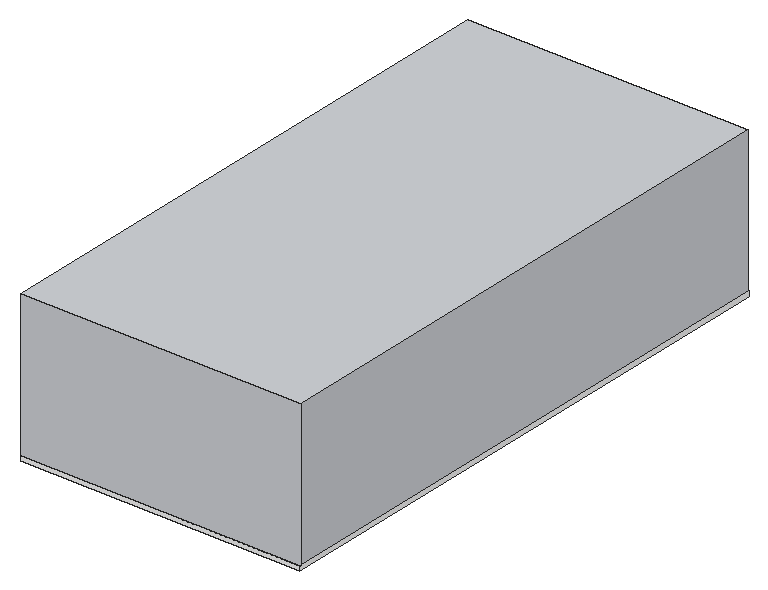
Revit family "Recessed Troffer Face Based", category Lighting Fixtures, Revit 2019
Family settings
  Round Connector Dimension = Use Diameter
  Part Type = Normal
  OmniClass Number = 23.80.70.00
  OmniClass Title = Lighting
  Work Plane-Based = Yes
  Always vertical = No
  Cut with Voids When Loaded = No
  Light Source = Yes
  Shared = No
  Room Calculation Point = Yes
Parameters (values of type "L21.3 Revalo RV06327DD 25W 4000K Insulated Panel 600x300")
  Width/2 = Width / 2  # 150 mm
  Width = 300 mm
  Wattage = 18.7354 W
  built-in parameter 1150110 = 1 (stored number, unit not read)
  Type Comments = "L21.3"
  built-in parameter 1114217 = 0.8 (stored number, unit not read)
  Tilt Angle = 90.00°
  built-in parameter 1150109 = 1 (stored number, unit not read)
  built-in parameter 1150134 = 12
  built-in parameter 1150113 = 1 (stored number, unit not read)
  Photometric Web File = "Slender Panel 1200x300 700MA UGR19 4000K.IES"
  PRL_LTGSchedule_Output = ""
  PRL_LTGSchedule_Manufacturer = ""
  PRL_LTGSchedule_Lifetime = ""
  PRL_LTGSchedule_Installation = ""
  PRL_LTGSchedule_Description = ""
  PRL_LTGSchedule_Control = ""
  PRL_LTGSchedule_Classification = ""
  PRL_LTGSchedule_CatNo = ""
  PRL_LTGSchedule_CCT = ""
  PRL_LTGSchedule_AppearsInSchedule = yes
  PRL_LTGSchedule_Accessories = ""
  PRL_AppearsInSchedule = yes
  Lumens = 2783 lm
  built-in parameter 1150115 = 1 (stored number, unit not read)
  built-in parameter 1150105 = 221.46 (stored number, unit not read)
  built-in parameter 1150137 = (empty or 0)
  built-in parameter 1150139 = (empty or 0)
  Length/2 = Length / 2  # 300 mm
  Length = 600 mm
  built-in parameter 1150112 = 1 (stored number, unit not read)
  built-in parameter 1150114 = 1 (stored number, unit not read)
  built-in parameter 1150132 = 2
  built-in parameter 1150102 = (empty or 0)
  built-in parameter 1150138 = (empty or 0)
  built-in parameter 1150107 = 4000 (stored number, unit not read)
  built-in parameter 1150106 = 2.2146 (stored number, unit not read)
  Family Revision = 10
  Emit from Rectangle Width = 600 mm
  Emit from Rectangle Length = 300 mm
  Emit Shape Visible in Rendering = yes
  built-in parameter 1150104 = 13.8 (stored number, unit not read)
  Dimming Lamp Color Temperature Shift = <None>
  Default Elevation = 0 mm
  Color Filter = 16777215
  built-in parameter 1114218 = 1 (stored number, unit not read)
  built-in parameter 1150133 = 10 (stored number, unit not read)
  Apparent Load = 25 VA
Types (10, lengths in mm): name | Wattage | Type Comments | built-in parameter 1114217 | PRL_LTGSchedule_Output | PRL_LTGSchedule_Manufacturer | PRL_LTGSchedule_Lifetime | PRL_LTGSchedule_Installation | PRL_LTGSchedule_Description | PRL_LTGSchedule_Control | PRL_LTGSchedule_CatNo | PRL_LTGSchedule_CCT | PRL_LTGSchedule_Accessories | Lumens | built-in parameter 1150105 | Length/2 | Length | built-in parameter 1150106 | Emit from Rectangle Width
  L21.3 Revalo RV06327DD 25W 4000K Insulated Panel 600x300 | 18.7354 W | "L21.3" | 0.8 (stored number, unit not read) | "" | "" | "" | "" | "" | "" | "" | "" | "" | 2783 lm | 221.46 (stored number, unit not read) | 300 | 600 | 2.2146 (stored number, unit not read) | 600
  L21.1 Revalo RV06327DD 25W 4000K T-Rail 600x300 DALI | 18.7354 W | "L21.1" | 0.8 (stored number, unit not read) | "" | "" | "" | "" | "" | "" | "" | "" | "" | 2783 lm | 221.46 (stored number, unit not read) | 300 | 600 | 2.2146 (stored number, unit not read) | 1200
  L11.2 Revalo RV12355 48W 4000K Gib 1200x300 | 18.7354 W | "L11.2" | 0.8 (stored number, unit not read) | "" | "" | "" | "" | "" | "" | "" | "" | "" | 2783 lm | 221.46 (stored number, unit not read) | 600 | 1200 | 2.2146 (stored number, unit not read) | 1200
  L11.1 Revalo RV12355 48W 4000K T-Rail 1200x300 | 37.0266 W | "L11.1" | 0.83 (stored number, unit not read) | "48W LED\r\n5500 lm" | "Energylight" | "50,000 Hrs\r\nL90" | "Recessed in T-Rail Grid Ceiling" | "Recessed 1200 x 300 LED Module complete with framed Y5 diffuser & seismic restraint." | "Fixed output electronic driver" | "Revalo 300\r\nRV12355" | "4000K\r\nCRI=80+" | "" | 5500 lm | 437.68 (stored number, unit not read) | 600 | 1200 | 4.3768 (stored number, unit not read) | 1200
  L10.3 Revalo RV12355DD 48W 4000K Insulated Panel 1200x300 DALI | 18.7354 W | "L10.3" | 0.8 (stored number, unit not read) | "" | "" | "" | "" | "" | "" | "" | "" | "" | 2783 lm | 221.46 (stored number, unit not read) | 600 | 1200 | 2.2146 (stored number, unit not read) | 1200
  L10.2 Revalo RV12355DD 48W 4000K Gib 1200x300 DALI | 37.0266 W | "L10.2" | 0.8 (stored number, unit not read) | "48W LED\r\n5500 lm" | "Energylight" | "50,000 Hrs\r\nL90" | "Recessed in Plaster/Gib Ceiling" | "Recessed 1200 x 300 LED Module complete with framed Y5 diffuser & seismic restraint." | "Casambi Enabled DALI Dimmable Electronic Driver (Tridonic BasicDIM Wireless Or Casambi CBU-ASD Module)." | "Revalo 300\r\nRV12355DD" | "4000K\r\nCRI=80+" | "Recessing kit" | 5500 lm | 437.68 (stored number, unit not read) | 600 | 1200 | 4.3768 (stored number, unit not read) | 1200
  L10.1 Revalo RV12355DD 48W 4000K T-Rail 1200x300 DALI | 18.7354 W | "L10.1" | 0.8 (stored number, unit not read) | "" | "" | "" | "" | "" | "" | "" | "" | "" | 2783 lm | 221.46 (stored number, unit not read) | 600 | 1200 | 2.2146 (stored number, unit not read) | 1200
  L21.2 Revalo RV06327DD 25W 4000K Gib 600x300 DALI | 18.7354 W | "L21.2" | 0.8 (stored number, unit not read) | "" | "" | "" | "" | "" | "" | "" | "" | "" | 2783 lm | 221.46 (stored number, unit not read) | 300 | 600 | 2.2146 (stored number, unit not read) | 1200
  L10.1 Revalo RV12355DD 48W 4000K T-Rail 1200x300 DALI 2 Delete | 18.7354 W | "L10.1d" | (empty or 0) | "" | "" | "" | "" | "" | "" | "" | "" | "" | 2783 lm | 221.46 (stored number, unit not read) | 600 | 1200 | 2.2146 (stored number, unit not read) | 1200
  M2 Revalo RV12355DD 48W 4000K Gib 1200x300 DALI | 37.0266 W | "M2" | 0.8 (stored number, unit not read) | "48W LED\r\n5500 lm" | "Energylight" | "50,000 Hrs\r\nL90" | "Recessed in Plaster/Gib Ceiling" | "Recessed 1200 x 300 LED Module complete with framed Y5 diffuser & seismic restraint." | "Casambi Enabled DALI Dimmable Electronic Driver (Tridonic BasicDIM Wireless Or Casambi CBU-ASD Module)." | "Revalo 300\r\nRV12355DD" | "4000K\r\nCRI=80+" | "Recessing kit" | 5500 lm | 437.68 (stored number, unit not read) | 600 | 1200 | 4.3768 (stored number, unit not read) | 1200
Reference planes
  plane 1 "Light Source Axis (F/B)": y = 0
  plane 2: z = 0
  plane 3 "Light Source Axis (L/R)": x = 0
  plane 4 "Light Source Elevation": z = -10
  plane 5: y = 300
  plane 6: y = -300
  plane 7: x = 150
  plane 8: x = -150
Forms (mm)
  Extrusion 1, solid
    sketch origin (6.395, 0, 0) x (1, 0, 0) y (0, 1, 0)
      loop
        line (-156.395, -300) -> (143.605, -300) -> (143.605, 300) -> (-156.395, 300) -> (-156.395, -300)
    from -5 to 150
  Extrusion 2, solid, material "Default Light Source(1)"
    sketch origin (0, 0, 0) x (1, 0, 0) y (0, 1, 0)
      loop
        line (-150, 300) -> (-150, -300) -> (150, -300) -> (150, 300) -> (-150, 300)
    from -10 to -5
Lines and regions (mm)
  model lines, style "4"
    curve 1: line (-150, 300, 0) -> (150, 300, 0)
    curve 2: line (150, 300, 0) -> (150, -300, 0)
    curve 3: line (150, -300, 0) -> (-150, -300, 0)
    curve 4: line (-150, -300, 0) -> (-150, 300, 0)
    curve 5: line (-150, 300, 0) -> (150, -300, 0)
Dimensions and locks
  "Length": plane 5 to plane 6
  "Width": plane 8 to plane 7
  "Width/2": plane 8 to plane 3 "Light Source Axis (L/R)"
  "Length/2": plane 6 to plane 1 "Light Source Axis (F/B)"
  aligned and locked: plane 3 "Light Source Axis (L/R)" to imposter light
  aligned and locked: plane 1 "Light Source Axis (F/B)" to imposter light
  aligned and locked: plane 4 "Light Source Elevation" to imposter light
  aligned and locked: level to plane 2
  aligned and locked: Extrusion 1 to Extrusion 2
  aligned and locked: Extrusion 2 to Extrusion 1  (x3)
Automatic sketch dimensions
  Extrusion 1 sketch curve to plane 5 = 0 mm
  Extrusion 1 sketch curve to plane 8 = 0 mm
  plane 6 to Extrusion 1 sketch curve = 0 mm
  Extrusion 1 sketch curve to plane 7 = 0 mm
  Extrusion 2 sketch curve to plane 6 = 0 mm
  Extrusion 2 sketch curve to plane 8 = 0 mm
  plane 5 to Extrusion 2 sketch curve = 0 mm
  Extrusion 2 sketch curve to plane 7 = 0 mm
  curve 1 to plane 7 = 0 mm
  curve 3 to plane 6 = 0 mm
  curve 4 to plane 5 = 0 mm
  curve 5 to plane 8 = 0 mm
Connectors
  electrical at (0, 0, -314.8), driven by "Apparent Load"
    settings: on imposter light, index 1, voltage 230 V, apparent load 25 VA, apparent load phase1 0 VA, apparent load phase2 0 VA, apparent load phase3 0 VA, power factor 1, load classification "Lighting", number of poles 1, system type 30, power factor state 1, is connector primary yes, connector utility no, sub classification motor no, connector description ""
